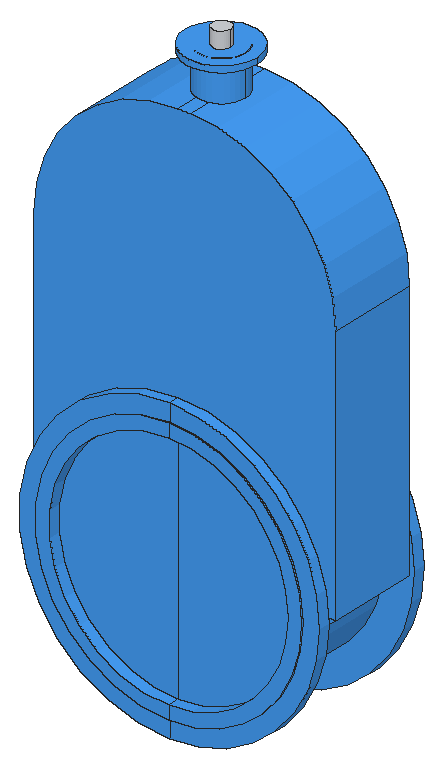
Revit family "ЗК РАШВОРК арт.103", category Арматура трубопроводов, Revit 2021
Family settings
  Размер круглого соединителя = Использовать диаметр
  Тип детали = Нормальный
  На основе рабочей плоскости = Нет
  Всегда вертикально = Да
  При загрузке вырезать с полостями = Нет
  Общий = Нет
Parameters (values of type "Задвижка с обрезиненным клином РАШВОРК 103-1000-16, DN1000, PN16, корпус GGG50, клин - GGG50, уплотнение - EPDM, Ф/Ф, ISO5211, с голым штоком")
  Отметка по умолчанию = 0 mm
  Корпус = GGG40
  Длина = 341.992 mm
  Высота = L / 2  # 275 mm
  f = 5 mm
  V1 = 1260 mm
  URL = "https://rwru.ru/"
  L2 = 200 mm
  L1 = 385 mm
  L = 550 mm
  HH = 25 mm
  H2 = 60 mm
  H11 = 1684 mm
  H1 = 1853 mm
  H = 1918 mm
  G = 1112 mm
  DNсоединителя = 1000 mm
  DN(D) = 75 mm
  DN = 1000 mm
  D1 = 500 mm
  D(ISO) = 300 mm
  D = 1255 mm
  B = 50 mm
  ADSK_Примечание = ""
  ADSK_Наименование краткое = "103-1000-16"
  ADSK_Наименование = "Задвижка с обрезиненным клином РАШВОРК 103-1000-16, DN1000, PN16, корпус GGG50, клин - GGG50, уплотнение - EPDM, Ф/Ф, ISO5211, с голым штоком"
  ADSK_Масса = 2980.4
  ADSK_Код изделия = ""
  ADSK_Завод-изготовитель = "ООО ТД \"РАШВОРК\""
  ADSK_Единица измерения = "шт"
Types (20, lengths in mm): name | Длина | Высота | f | V1 | L2 | L1 | L | HH | H11 | H1 | H | G | DNсоединителя | DN(D) | DN | D1 | D(ISO) | D | B | ADSK_Наименование краткое | ADSK_Наименование | ADSK_Масса | ADSK_Единица измерения
  (no name) | 341.992 | 275 | 5 | 1260 | 200 | 385 | 550 | 25 | 1684 | 1853 | 1918 | 1112 | 1000 | 75 | 1000 | 500 | 300 | 1255 | 50 | "103-1000-16" | "Задвижка с обрезиненным клином РАШВОРК 103-1000-16, DN1000, PN16, корпус GGG50, клин - GGG50, уплотнение - EPDM, Ф/Ф, ISO5211, с голым штоком" | 2980.4 | "шт"
  Задвижка с обрезиненным клином РАШВОРК 103-040-16, DN040, PN16, корпус GGG50, клин - GGG50, уплотнение - EPDM, Ф/Ф, ISO5211, F10, с голым штоком | 341.992 | 70 | 3 | 112 | 50 | 100 | 140 | 20 | 105 | 163 | 200 | 84 | 40 | 20 | 40 | 30 | 125 | 150 | 19 | "103-040-16" | "Задвижка с обрезиненным клином РАШВОРК 103-040-16, DN040, PN16, корпус GGG50, клин - GGG50, уплотнение - EPDM, Ф/Ф, ISO5211, F10, с голым штоком" | 10 | "ШТ"
  Задвижка с обрезиненным клином РАШВОРК 103-050-16, DN050, PN16, корпус GGG50, клин - GGG50, уплотнение - EPDM, Ф/Ф, ISO5211, F10, с голым штоком | 400 | 75 | 3 | 126 | 50 | 100 | 150 | 20 | 110 | 170 | 207 | 99 | 50 | 20 | 50 | 35 | 125 | 165 | 19 | "103-050-16" | "Задвижка с обрезиненным клином РАШВОРК 103-050-16, DN050, PN16, корпус GGG50, клин - GGG50, уплотнение - EPDM, Ф/Ф, ISO5211, F10, с голым штоком" | 10.5 | "шт"
  Задвижка с обрезиненным клином РАШВОРК 103-065-16, DN065, PN16, корпус GGG50, клин - GGG50, уплотнение - EPDM, Ф/Ф, ISO5211, F10, с голым штоком | 341.992 | 85 | 3 | 112 | 50 | 105 | 170 | 20 | 150 | 206 | 233 | 118 | 65 | 20 | 65 | 45 | 125 | 185 | 19 | "103-065-16" | "Задвижка с обрезиненным клином РАШВОРК 103-065-16, DN065, PN16, корпус GGG50, клин - GGG50, уплотнение - EPDM, Ф/Ф, ISO5211, F10, с голым штоком" | 13.5 | "шт"
  Задвижка с обрезиненным клином РАШВОРК 103-080-16, DN080, PN16, корпус GGG50, клин - GGG50, уплотнение - EPDM, Ф/Ф, ISO5211, F10, с голым штоком | 341.992 | 90 | 3 | 160 | 50 | 125 | 180 | 20 | 160 | 220 | 257 | 132 | 80 | 20 | 80 | 52 | 125 | 200 | 19 | "103-080-16" | "Задвижка с обрезиненным клином РАШВОРК 103-080-16, DN080, PN16, корпус GGG50, клин - GGG50, уплотнение - EPDM, Ф/Ф, ISO5211, F10, с голым штоком" | 16 | "шт"
  Задвижка с обрезиненным клином РАШВОРК 103-100-16, DN100, PN16, корпус GGG50, клин - GGG50, уплотнение - EPDM, Ф/Ф, ISO5211, F10, с голым штоком | 341.992 | 95 | 3 | 180 | 50 | 120 | 190 | 20 | 165 | 251 | 288 | 156 | 100 | 20 | 100 | 60 | 125 | 220 | 19 | "103-100-16" | "Задвижка с обрезиненным клином РАШВОРК 103-100-16, DN100, PN16, корпус GGG50, клин - GGG50, уплотнение - EPDM, Ф/Ф, ISO5211, F10, с голым штоком" | 19.2 | "шт"
  Задвижка с обрезиненным клином РАШВОРК 103-125-16, DN125, PN16, корпус GGG50, клин - GGG50, уплотнение - EPDM, Ф/Ф, ISO5211, F10, с голым штоком | 341.992 | 100 | 3 | 230 | 50 | 130 | 200 | 20 | 215 | 294 | 331 | 184 | 125 | 20 | 125 | 80 | 125 | 250 | 19 | "103-125-16" | "Задвижка с обрезиненным клином РАШВОРК 103-125-16, DN125, PN16, корпус GGG50, клин - GGG50, уплотнение - EPDM, Ф/Ф, ISO5211, F10, с голым штоком" | 26.5 | "шт"
  Задвижка с обрезиненным клином РАШВОРК 103-150-16, DN150, PN16, корпус GGG50, клин - GGG50, уплотнение - EPDM, Ф/Ф, ISO5211, F10, с голым штоком | 341.992 | 105 | 3 | 260 | 16 | 130 | 210 | 20 | 255 | 331 | 368 | 211 | 150 | 20 | 150 | 90 | 125 | 285 | 19 | "103-150-16" | "Задвижка с обрезиненным клином РАШВОРК 103-150-16, DN150, PN16, корпус GGG50, клин - GGG50, уплотнение - EPDM, Ф/Ф, ISO5211, F10, с голым штоком" | 32.2 | "шт"
  Задвижка с обрезиненным клином РАШВОРК 103-200-16, DN200, PN16, корпус GGG50, клин - GGG50, уплотнение - EPDM, Ф/Ф, ISO5211, F14, с голым штоком | 341.992 | 115 | 3 | 310 | 100 | 150 | 230 | 22 | 340 | 408 | 469 | 266 | 200 | 30 | 200 | 110 | 175 | 340 | 20 | "103-200-16" | "Задвижка с обрезиненным клином РАШВОРК 103-200-16, DN200, PN16, корпус GGG50, клин - GGG50, уплотнение - EPDM, Ф/Ф, ISO5211, F14, с голым штоком" | 55 | "шт"
  Задвижка с обрезиненным клином РАШВОРК 103-250-16, DN250, PN16, корпус GGG50, клин - GGG50, уплотнение - EPDM, Ф/Ф, ISO5211, F14, с голым штоком | 341.992 | 125 | 3 | 370 | 70 | 170 | 250 | 22 | 390 | 497 | 558 | 319 | 250 | 30 | 250 | 125 | 175 | 405 | 22 | "103-250-16" | "Задвижка с обрезиненным клином РАШВОРК 103-250-16, DN250, PN16, корпус GGG50, клин - GGG50, уплотнение - EPDM, Ф/Ф, ISO5211, F14, с голым штоком" | 80 | "шт"
  Задвижка с обрезиненным клином РАШВОРК 103-300-16, DN300, PN16, корпус GGG50, клин - GGG50, уплотнение - EPDM, Ф/Ф, ISO5211, F14, с голым штоком | 341.992 | 135 | 4 | 410 | 70 | 170 | 270 | 22 | 475 | 584 | 645 | 370 | 300 | 30 | 300 | 164 | 175 | 460 | 24.5 | "103-300-16" | "Задвижка с обрезиненным клином РАШВОРК 103-300-16, DN300, PN16, корпус GGG50, клин - GGG50, уплотнение - EPDM, Ф/Ф, ISO5211, F14, с голым штоком" | 111 | "шт"
  Задвижка с обрезиненным клином РАШВОРК 103-350-16, DN350, PN16, корпус GGG50, клин - GGG50, уплотнение - EPDM, Ф/Ф, ISO5211, F14, с голым штоком | 341.992 | 145 | 4 | 530 | 70 | 210 | 290 | 22 | 645 | 775 | 830 | 429 | 350 | 36 | 350 | 198 | 175 | 520 | 26.5 | "103-350-16" | "Задвижка с обрезиненным клином РАШВОРК 103-350-16, DN350, PN16, корпус GGG50, клин - GGG50, уплотнение - EPDM, Ф/Ф, ISO5211, F14, с голым штоком" | 228 | "шт"
  Задвижка с обрезиненным клином РАШВОРК 103-400-16, DN400, PN16, корпус GGG50, клин - GGG50, уплотнение - EPDM, Ф/Ф, ISO5211, F14, с голым штоком | 341.992 | 155 | 4 | 595 | 100 | 210 | 310 | 22 | 692 | 842 | 897 | 480 | 400 | 36 | 400 | 220 | 175 | 580 | 28 | "103-400-16" | "Задвижка с обрезиненным клином РАШВОРК 103-400-16, DN400, PN16, корпус GGG50, клин - GGG50, уплотнение - EPDM, Ф/Ф, ISO5211, F14, с голым штоком" | 257 | "шт"
  Задвижка с обрезиненным клином РАШВОРК 103-450-16, DN450, PN16, корпус GGG50, клин - GGG50, уплотнение - EPDM, Ф/Ф, ISO5211, F14, с голым штоком | 341.992 | 165 | 4 | 630 | 100 | 220 | 330 | 22 | 735 | 910 | 965 | 548 | 450 | 36 | 450 | 235 | 175 | 640 | 30 | "103-450-16" | "Задвижка с обрезиненным клином РАШВОРК 103-450-16, DN450, PN16, корпус GGG50, клин - GGG50, уплотнение - EPDM, Ф/Ф, ISO5211, F14, с голым штоком" | 326 | "шт"
  Задвижка с обрезиненным клином РАШВОРК 103-500-16, DN500, PN16, корпус GGG50, клин - GGG50, уплотнение - EPDM, Ф/Ф, ISO5211, F16, с голым штоком | 341.992 | 175 | 4 | 700 | 130 | 284 | 350 | 26 | 920 | 1024 | 1084 | 609 | 500 | 40 | 500 | 275 | 210 | 715 | 31.5 | "103-500-16" | "Задвижка с обрезиненным клином РАШВОРК 103-500-16, DN500, PN16, корпус GGG50, клин - GGG50, уплотнение - EPDM, Ф/Ф, ISO5211, F16, с голым штоком" | 378 | "шт"
  Задвижка с обрезиненным клином РАШВОРК 103-600-16, DN600, PN16, корпус GGG50, клин - GGG50, уплотнение - EPDM, Ф/Ф, ISO5211, F16, с голым штоком | 341.992 | 195 | 5 | 775 | 130 | 312 | 390 | 26 | 1052 | 1177 | 1237 | 720 | 600 | 40 | 600 | 300 | 210 | 840 | 36 | "103-600-16" | "Задвижка с обрезиненным клином РАШВОРК 103-600-16, DN600, PN16, корпус GGG50, клин - GGG50, уплотнение - EPDM, Ф/Ф, ISO5211, F16, с голым штоком" | 650 | "шт"
  Задвижка с обрезиненным клином РАШВОРК 103-700-16, DN700, PN16, корпус GGG50, клин - GGG50, уплотнение - EPDM, Ф/Ф, ISO5211, с голым штоком | 341.992 | 215 | 5 | 970 | 200 | 295 | 430 | 25 | 1300 | 1468 | 1532 | 794 | 700 | 60 | 700 | 375 | 300 | 910 | 39.5 | "103-700-16" | "Задвижка с обрезиненным клином РАШВОРК 103-700-16, DN700, PN16, корпус GGG50, клин - GGG50, уплотнение - EPDM, Ф/Ф, ISO5211, с голым штоком" | 820.4 | "шт"
  Задвижка с обрезиненным клином РАШВОРК 103-800-16, DN800, PN16, корпус GGG50, клин - GGG50, уплотнение - EPDM, Ф/Ф, ISO5211, с голым штоком | 341.992 | 235 | 5 | 1100 | 200 | 330 | 470 | 25 | 1465 | 1640 | 1705 | 901 | 800 | 65 | 800 | 427.5 | 300 | 1025 | 43 | "103-800-16" | "Задвижка с обрезиненным клином РАШВОРК 103-800-16, DN800, PN16, корпус GGG50, клин - GGG50, уплотнение - EPDM, Ф/Ф, ISO5211, с голым штоком" | 1130.4 | "шт"
  Задвижка с обрезиненным клином РАШВОРК 103-900-16, DN900, PN16, корпус GGG50, клин - GGG50, уплотнение - EPDM, Ф/Ф, ISO5211, с голым штоком | 341.992 | 255 | 5 | 1180 | 200 | 358 | 510 | 25 | 1580 | 1735 | 1800 | 1001 | 900 | 70 | 900 | 460 | 300 | 1125 | 46.5 | "103-900-16" | "Задвижка с обрезиненным клином РАШВОРК 103-900-16, DN900, PN16, корпус GGG50, клин - GGG50, уплотнение - EPDM, Ф/Ф, ISO5211, с голым штоком" | 1580.4 | "шт"
  Задвижка с обрезиненным клином РАШВОРК 103-1000-16, DN1000, PN16, корпус GGG50, клин - GGG50, уплотнение - EPDM, Ф/Ф, ISO5211, с голым штоком | 341.992 | 275 | 5 | 1260 | 200 | 385 | 550 | 25 | 1684 | 1853 | 1918 | 1112 | 1000 | 75 | 1000 | 500 | 300 | 1255 | 50 | "103-1000-16" | "Задвижка с обрезиненным клином РАШВОРК 103-1000-16, DN1000, PN16, корпус GGG50, клин - GGG50, уплотнение - EPDM, Ф/Ф, ISO5211, с голым штоком" | 2980.4 | "шт"
Reference planes
  plane 1 "По центру (Вперед/Назад)": y = 28.789
  plane 2: z = 0
  plane 3 "По центру (Влево/Вправо)": x = 0
  plane 4: y = 303.789
  plane 5: y = -246.211
  plane 6: z = 627.5
  plane 7: z = 556
  plane 8: z = 500
  plane 9: z = -500
  plane 10: z = -627.5
  plane 11: y = 253.789
  plane 12: y = 298.789
  plane 13: z = 500
  plane 14: y = 221.289
  plane 15: y = -163.711
  plane 16: z = 1684
  plane 17: x = 630
  plane 18: x = -630
  plane 19: z = -556
  plane 20: z = -500
  plane 21: z = 1918
  plane 22: z = 272
  plane 23: z = 1828
  plane 24: y = 403.513
  plane 25: y = -495
  plane 26: z = 0
  plane 27: z = -137.5
  plane 28: z = 137.5
  plane 29: y = 303.789
  plane 30: y = -246.211
  plane 31: z = 1853
Forms (mm)
  Revolve 1, solid, material "GGG40" <- "Корпус", detail levels fine
    sketch origin (0, 0, 0) x (0, 1, 0) y (0, 0, 1)
      loop
        line (303.789, 500) -> (303.789, 556) -> (298.789, 556) -> (298.789, 627.5) -> (253.789, 627.5) -> (253.789, 500) -> (303.789, 500)
      axis (303.789, 0) -> (253.789, 0)
    angle from 0 to 360
  Revolve 2, solid, material "GGG40" <- "Корпус", detail levels fine
    sketch origin (0, 0, 0) x (0, -1, 0) y (0, 0, -1)
      loop
        line (246.211, -500) -> (196.211, -500) -> (196.211, -627.5) -> (241.211, -627.5) -> (241.211, -556) -> (246.211, -556) -> (246.211, -500)
      axis (246.211, 0) -> (196.211, 0)
    angle from 0 to 360
  Revolve 3, solid, material "GGG40" <- "Корпус", detail levels fine
    sketch origin (0, 0, 0) x (0, 1, 0) y (0, 0, 1)
      loop
        line (253.789, 500) -> (-196.211, 500) -> (-196.211, 0) -> (253.789, 0) -> (253.789, 500)
      axis (253.789, 0) -> (-196.211, 0)
    angle from 0 to 360
  Extrusion 4, solid, material "GGG40" <- "Корпус", detail levels fine
    sketch origin (0, 28.789, 0) x (1, 0, 0) y (0, 0, 1)
      loop
        line (26, 1684) -> (-26, 1684)
        arc (-26, 1684) -> (-453.092, 1507.092) -> (-630, 1080) r 604
        line (-630, 1080) -> (-630, 0) -> (630, 0) -> (630, 1080)
        arc (630, 1080) -> (453.092, 1507.092) -> (26, 1684) r 604
    from -192.5 to 192.5
  Extrusion 5, solid, material "GGG40" <- "Корпус", detail levels fine
    sketch origin (0, 28.789, 0) x (1, 0, 0) y (0, 0, 1)
      loop
        line (630, 0) -> (-630, 0) -> (0, -500) -> (630, 0)
    from -192.5 to 192.5
  Extrusion 6, solid, material "GGG40" <- "Корпус", detail levels fine
    sketch origin (0, 0, 0) x (1, 0, 0) y (0, 1, 0)
      loop
        circle (0, 28.789) r 100
    from 1684 to 1853
  Extrusion 7, solid, material "GGG40" <- "Корпус", detail levels fine
    sketch origin (0, 0, 0) x (1, 0, 0) y (0, 1, 0)
      loop
        circle (0, 28.789) r 150
    from 1828 to 1853
  Extrusion 8, solid, detail levels fine
    sketch origin (0, 0, 0) x (1, 0, 0) y (0, 1, 0)
      loop
        circle (0, 28.789) r 37.5
    from 1853 to 1918
Lines and regions (mm)
  model lines, detail levels coarse+medium
    curve 1: line (0, 303.789, 137.5) -> (0, 28.789, 0)
    curve 2: line (0, 28.789, 0) -> (0, 303.789, -137.5)
    curve 3: line (0, 303.789, -137.5) -> (0, 303.789, 137.5)
    curve 4: line (0, -246.211, 137.5) -> (0, 28.789, 0)
    curve 5: line (0, 28.789, 0) -> (0, -246.211, -137.5)
    curve 6: line (0, -246.211, -137.5) -> (0, -246.211, 137.5)
    curve 7: line (0, 28.789, -137.5) -> (0, 28.789, 137.5)
Dimensions and locks
  equal spacing: plane 4, plane 1 "По центру (Вперед/Назад)", plane 5
  "L": plane 4 to plane 5
  equal spacing: plane 8, level, plane 9
  "DN": plane 8 to plane 9
  plane 7 to level = 556 mm
  equal spacing: plane 6, level, plane 10
  "D": plane 6 to plane 10
  "B": plane 4 to plane 11
  "f": plane 4 to plane 12
  "D1": plane 13 to level
  equal spacing: plane 14, plane 1 "По центру (Вперед/Назад)", plane 15
  "L1": plane 14 to plane 15
  "H11": plane 16 to level
  equal spacing: plane 18, plane 3 "По центру (Влево/Вправо)", plane 17
  "V1": plane 18 to plane 17
  "D1": plane 20 to level
  "H": plane 21 to level
  equal spacing: plane 7, level, plane 19
  "G": plane 7 to plane 19
  "f": Revolve 2 to plane 5
  "B": Revolve 2 to plane 5
  equal spacing: plane 28, plane 26, plane 27
  "Высота": plane 28 to plane 27
  equal spacing: plane 29, plane 1 "По центру (Вперед/Назад)", plane 30
  "L": plane 29 to plane 30
  "H1": plane 31 to level
  "HH": plane 31 to plane 23
  "L2": diameter of Extrusion 6 sketch curve
  "D(ISO)": diameter of Extrusion 7 sketch curve
  "DN(D)": diameter of Extrusion 8 sketch curve
  aligned and locked: level to plane 2
  aligned and locked: level to Revolve 1 sketch curve
  aligned and locked: Revolve 3 sketch curve to plane 13
  aligned and locked: Revolve 3 sketch curve to plane 11
  aligned and locked: Revolve 3 sketch curve to level
  aligned and locked: Revolve 2 to Revolve 3 sketch curve
  aligned and locked: plane 16 to Extrusion 4 sketch curve
  aligned and locked: Extrusion 4 sketch curve to plane 17
  aligned and locked: Extrusion 4 sketch curve to plane 2
  aligned and locked: Extrusion 4 sketch curve to plane 18
  aligned and locked: Extrusion 4 to plane 14
  aligned and locked: plane 15 to Extrusion 4
  aligned and locked: level to Extrusion 5 sketch curve
  aligned and locked: plane 20 to Extrusion 5 sketch curve
  aligned and locked: Extrusion 5 to plane 14
  aligned and locked: Extrusion 5 to plane 15
  aligned and locked: plane 3 "По центру (Влево/Вправо)" to Extrusion 6 sketch curve
  aligned and locked: plane 1 "По центру (Вперед/Назад)" to Extrusion 6 sketch curve
  aligned and locked: Extrusion 6 to plane 16
  aligned and locked: Revolve 2 sketch curve to plane 7
  aligned and locked: level to Extrusion 5
  aligned and locked: plane 27 to curve 2
  aligned and locked: plane 1 "По центру (Вперед/Назад)" to curve 2
  aligned and locked: plane 29 to curve 3
  aligned and locked: level to plane 26
  aligned and locked: plane 1 "По центру (Вперед/Назад)" to curve 7
  aligned and locked: level to curve 5
  aligned and locked: curve 1 to Extrusion 7 sketch curve
  aligned and locked: plane 1 "По центру (Вперед/Назад)" to Extrusion 7 sketch curve
  aligned and locked: curve 1 to Extrusion 8 sketch curve
  aligned and locked: plane 1 "По центру (Вперед/Назад)" to Extrusion 8 sketch curve
  aligned and locked: Extrusion 7 to plane 23
  aligned and locked: plane 31 to Extrusion 7
  aligned and locked: Extrusion 7 to Extrusion 6
  aligned and locked: Extrusion 8 to plane 21
  aligned and locked: Extrusion 8 to Extrusion 7
Automatic sketch dimensions
  Revolve 1 sketch curve to plane 8 = 0 mm
  Revolve 1 sketch curve to plane 11 = 0 mm
  Revolve 1 sketch curve to plane 6 = 0 mm
  Revolve 1 sketch curve to plane 12 = 0 mm
  Revolve 1 sketch curve to plane 4 = 0 mm
  Revolve 1 sketch curve to plane 7 = 0 mm
  plane 5 to Revolve 1 sketch curve = 180 mm
  Revolve 1 sketch curve to plane 4 = 60 mm
  Extrusion 4 sketch curve to plane 3 "По центру (Влево/Вправо)" = 26 mm
  plane 3 "По центру (Влево/Вправо)" to Extrusion 4 sketch curve = 26 mm
  plane 18 to Extrusion 5 sketch curve = 0 mm
  Extrusion 5 sketch curve to plane 3 "По центру (Влево/Вправо)" = 0 mm
  plane 17 to Extrusion 5 sketch curve = 0 mm
  Revolve 2 sketch curve to level = 0 mm
  Revolve 2 sketch curve to plane 8 = 0 mm
  Revolve 2 sketch curve to plane 6 = 0 mm
  Revolve 2 sketch curve to plane 5 = 0 mm
  Revolve 2 sketch curve to plane 5 = 5 mm
  plane 15 to Revolve 2 sketch curve = 32.5 mm
  Revolve 2 sketch curve to plane 29 = 26.211 mm
  plane 5 to Revolve 2 sketch curve = 60 mm
  Revolve 3 sketch curve to level = 0 mm
  Revolve 3 sketch curve to plane 30 = 14.789 mm
  Revolve 3 sketch curve to plane 4 = 76 mm
  curve 6 to plane 27 = 0 mm
  curve 6 to plane 30 = 0 mm
  curve 1 to plane 28 = 0 mm
  curve 6 to plane 28 = 0 mm
  curve 7 to plane 28 = 0 mm
  curve 7 to plane 27 = 0 mm
Connectors
  piping at (0, -246.211, 0), diameter 1000, driven by "DNсоединителя"
    settings: on Revolve 2, index 1, connector inside diameter 609.6 mm, connector length 0 mm, flow factor 0, pipe flow 0.0 L/s, pressure drop 0.0 Pa, fitting loss kfactor 0, connector angle 0.00°, fixture units 0, engagement length 0 mm, angle of deflection 0.00°, flow configuration 0, flow direction 0, fitting loss method 0, system type 7, joint type 0, gender type 0, connector reference index -1, connector utility 0, adjustable connector no, is connector primary yes, connector description ""
  piping at (0, 303.789, 0), diameter 1000, driven by "DNсоединителя"
    settings: on Revolve 1, index 2, connector inside diameter 609.6 mm, connector length 0 mm, flow factor 0, pipe flow 0.0 L/s, pressure drop 0.0 Pa, fitting loss kfactor 0, connector angle 0.00°, fixture units 0, engagement length 0 mm, angle of deflection 0.00°, flow configuration 0, flow direction 0, fitting loss method 0, system type 7, joint type 0, gender type 0, connector reference index -1, connector utility 0, adjustable connector no, is connector primary no, connector description ""
